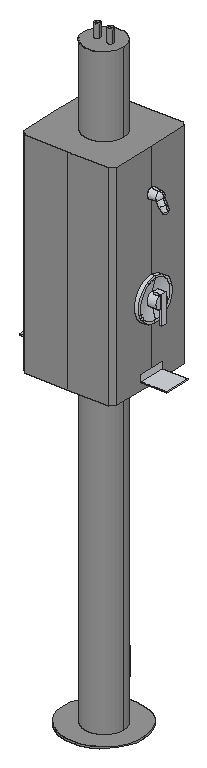
Revit family "Column_Shower-Willoughby-CWCSY-2", category Plumbing Fixtures, Revit 2015
Parameters (values of type "Standard")
  water line = Copper
  Waste Connection = no
  Vent Connection = no
  URL = "https://www.willoughby-ind.com/wp-content/uploads/2018/01/CWCSY.pdf"
  Revision = "A"
  Model = "CWCSY-2"
  Manufacturer = "Willoughby Industries"
  HW Connection = yes
  HCW DIA = 3/4"
  Fixture Body = Stainless Steel AISI 304-Willoughby
  Description = "2 Station Column Shower"
  Default Elevation = 0' - 0"
  Contact = "(800) 428-4065"
  CW Connection = yes
Reference planes (in)
  plane 1 "Center (Front/Back)": y = 0
  plane 2: z = 0
  plane 3 "Center (Left/Right)": x = 0
  plane 4 "Top Mounting Tube HGT": z = 92
  plane 5 "Shower Head HGT": z = 72
  plane 6 "Valve HGT": z = 60
  plane 7 "Soap dish HGT": z = 42
  plane 8 "Access": z = 6
  plane 9: x = -2
  plane 10: x = 2
  plane 11: x = -7.9375
  plane 12: x = 7.9375
  plane 13: through (0, 0, 48) normal (-0.866, -0.5, 0)
  plane 14: x = 1
  plane 15: x = -1
Forms (in)
  Extrusion 1, solid, material "Stainless Steel AISI 304-Willoughby" <- "Fixture Body", detail levels fine
    sketch origin (0, 0, 0) x (1, 0, 0) y (0, 1, 0)
      loop
        circle (0, 0) r 6
    from 0 to 0.25
  Extrusion 2, solid, material "Stainless Steel AISI 304-Willoughby" <- "Fixture Body"
    sketch origin (0, 0, 0) x (1, 0, 0) y (0, 1, 0)
      loop
        circle (0, 0) r 3
    from 0 to 92
  Extrusion 3, solid, material "Stainless Steel AISI 304-Willoughby" <- "Fixture Body", detail levels fine
    sketch origin (0, 0, 6) x (1, 0, 0) y (0, 1, 0)
      loop
        line (2, 2.23607) -> (2.07433, 2.3104)
        arc (2.07433, 2.3104) -> (0, 3.10614) -> (-2.07433, 2.3104) r 3.10151
        line (-2.07433, 2.3104) -> (-2, 2.23607)
        arc (-2, 2.23607) -> (0, 3.03719) -> (2, 2.23607) r 2.89705
    from 0 to 4
  Extrusion 4, solid, material "Stainless Steel AISI 304-Willoughby" <- "Fixture Body"
    sketch origin (0, 0, 0) x (1, 0, 0) y (0, 1, 0)
      loop
        line (0, -7) -> (6.29289, -7) -> (7, -6.29289) -> (7, 0) -> (7, 6.29289) -> (6.29289, 7) -> (0, 7) -> (-6.29289, 7) -> (-7, 6.29289) -> (-7, 0) -> (-7, -6.29289) -> (-6.29289, -7) -> (0, -7)
    from 48 to 80
  Revolve 5, solid, material "Copper" <- "water line", detail levels fine
    sketch origin (0, 0, 0) x (1, 0, 0) y (0, 0, 1)
      loop
        line (1, 92) -> (1, 94) -> (0.625, 94) -> (0.625, 92) -> (1, 92)
      axis (1, 94) -> (1, 92)
    angle from 0 to 360
  Revolve 6, solid, material "Copper" <- "water line", detail levels fine
    sketch origin (0, 0, 0) x (1, 0, 0) y (0, 0, 1)
      loop
        line (-1, 92) -> (-1, 94) -> (-1.375, 94) -> (-1.375, 92) -> (-1, 92)
      axis (-1, 94) -> (-1, 92)
    angle from 0 to 360
  Revolve 7, solid
    sketch origin (-0.8125, 0, 0) x (1, 0, 0) y (0, 0, 1)
      loop
        line (7.8125, 73.875) -> (9.6875, 73.875)
        arc (9.6875, 73.875) -> (9.56694, 74.29105) -> (9.1875, 74.5) r 0.56596
        line (9.1875, 74.5) -> (8.0625, 74.625) -> (7.8125, 74.625) -> (7.8125, 73.875)
      axis (7.8125, 73.875) -> (9.6875, 73.875)
    angle from 0 to 360
  Revolve 8, solid
    sketch origin (-0.8125, 0, 0) x (1, 0, 0) y (0, 0, 1)
      loop
        line (9.1875, 73.625) -> (8.75449, 73.375) -> (9.25449, 72.50897) -> (9.73774, 71.92196)
        arc (9.73774, 71.92196) -> (9.95634, 71.81003) -> (10.1875, 71.89295) r 0.30889
        line (10.1875, 71.89295) -> (9.1875, 73.625)
      axis (9.1875, 73.625) -> (10.1875, 71.89295)
    angle from 0 to 360
  Extrusion 9, solid
    sketch origin (-0.8125, 0, 0) x (1, 0, 0) y (0, 0, 1)
      loop
        line (7.8125, 49.25) -> (11.8125, 49.25) -> (11.8125, 49.37) -> (7.9325, 49.37) -> (7.9325, 50.25) -> (7.8125, 50.25) -> (7.8125, 49.25)
    from -2 to 2
  Revolve 10, solid
    sketch origin (-0.8125, 0, 0) x (1, 0, 0) y (0, 0, 1)
      loop
        line (7.8125, 59.75) -> (9.4925, 59.75) -> (9.4925, 60.75) -> (8.08528, 60.75)
        arc (8.08528, 60.75) -> (8.27532, 61.66598) -> (8.5425, 62.5625) r 11
        line (8.5425, 62.5625) -> (8.5425, 62.875) -> (7.8125, 62.875) -> (7.8125, 59.75)
      axis (7.8125, 59.75) -> (9.4925, 59.75)
    angle from 0 to 360
  Extrusion 11, solid
    sketch origin (-0.8125, 0, 0) x (1, 0, 0) y (0, 0, 1)
      loop
        line (9.4925, 56.75) -> (9.805, 56.75) -> (9.805, 61) -> (8.6175, 61) -> (8.6175, 60.5) -> (9.4925, 60.5) -> (9.4925, 56.75)
    from -0.375 to 0.375
  Revolve 12, solid, not visible
    sketch origin (-0.8125, 0, 0) x (1, 0, 0) y (0, 0, 1)
      loop
        line (7.8125, 73.875) -> (9.6875, 73.875)
        arc (9.6875, 73.875) -> (9.56694, 74.29105) -> (9.1875, 74.5) r 0.56596
        line (9.1875, 74.5) -> (8.0625, 74.625) -> (7.8125, 74.625) -> (7.8125, 73.875)
      axis (7.8125, 73.875) -> (9.6875, 73.875)
    angle from 0 to 360
  Revolve 13, solid, not visible
    sketch origin (-0.8125, 0, 0) x (1, 0, 0) y (0, 0, 1)
      loop
        line (9.1875, 73.625) -> (8.75449, 73.375) -> (9.25449, 72.50897) -> (9.73774, 71.92196)
        arc (9.73774, 71.92196) -> (9.95634, 71.81003) -> (10.1875, 71.89295) r 0.30889
        line (10.1875, 71.89295) -> (9.1875, 73.625)
      axis (9.1875, 73.625) -> (10.1875, 71.89295)
    angle from 0 to 360
  Extrusion 14, solid, not visible
    sketch origin (-0.8125, 0, 0) x (1, 0, 0) y (0, 0, 1)
      loop
        line (7.8125, 49.25) -> (11.8125, 49.25) -> (11.8125, 49.37) -> (7.9325, 49.37) -> (7.9325, 50.25) -> (7.8125, 50.25) -> (7.8125, 49.25)
    from -2 to 2
  Revolve 15, solid, not visible
    sketch origin (-0.8125, 0, 0) x (1, 0, 0) y (0, 0, 1)
      loop
        line (7.8125, 59.75) -> (9.4925, 59.75) -> (9.4925, 60.75) -> (8.08528, 60.75)
        arc (8.08528, 60.75) -> (8.27532, 61.66598) -> (8.5425, 62.5625) r 11
        line (8.5425, 62.5625) -> (8.5425, 62.875) -> (7.8125, 62.875) -> (7.8125, 59.75)
      axis (7.8125, 59.75) -> (9.4925, 59.75)
    angle from 0 to 360
  Extrusion 16, solid, not visible
    sketch origin (-0.8125, 0, 0) x (1, 0, 0) y (0, 0, 1)
      loop
        line (9.4925, 56.75) -> (9.805, 56.75) -> (9.805, 61) -> (8.6175, 61) -> (8.6175, 60.5) -> (9.4925, 60.5) -> (9.4925, 56.75)
    from -0.375 to 0.375
  Revolve 17, solid
    sketch origin (0.8125, 0, 0) x (-1, 0, 0) y (0, 0, 1)
      loop
        line (7.8125, 73.875) -> (9.6875, 73.875)
        arc (9.6875, 73.875) -> (9.56694, 74.29105) -> (9.1875, 74.5) r 0.56596
        line (9.1875, 74.5) -> (8.0625, 74.625) -> (7.8125, 74.625) -> (7.8125, 73.875)
      axis (7.8125, 73.875) -> (9.6875, 73.875)
    angle from 0 to 360
  Revolve 18, solid
    sketch origin (0.8125, 0, 0) x (-1, 0, 0) y (0, 0, 1)
      loop
        line (9.1875, 73.625) -> (8.75449, 73.375) -> (9.25449, 72.50897) -> (9.73774, 71.92196)
        arc (9.73774, 71.92196) -> (9.95634, 71.81003) -> (10.1875, 71.89295) r 0.30889
        line (10.1875, 71.89295) -> (9.1875, 73.625)
      axis (9.1875, 73.625) -> (10.1875, 71.89295)
    angle from 0 to 360
  Extrusion 19, solid
    sketch origin (0.8125, 0, 0) x (-1, 0, 0) y (0, 0, 1)
      loop
        line (7.8125, 49.25) -> (11.8125, 49.25) -> (11.8125, 49.37) -> (7.9325, 49.37) -> (7.9325, 50.25) -> (7.8125, 50.25) -> (7.8125, 49.25)
    from -2 to 2
  Revolve 20, solid
    sketch origin (0.8125, 0, 0) x (-1, 0, 0) y (0, 0, 1)
      loop
        line (7.8125, 59.75) -> (9.4925, 59.75) -> (9.4925, 60.75) -> (8.08528, 60.75)
        arc (8.08528, 60.75) -> (8.27532, 61.66598) -> (8.5425, 62.5625) r 11
        line (8.5425, 62.5625) -> (8.5425, 62.875) -> (7.8125, 62.875) -> (7.8125, 59.75)
      axis (7.8125, 59.75) -> (9.4925, 59.75)
    angle from 0 to 360
  Extrusion 21, solid
    sketch origin (0.8125, 0, 0) x (-1, 0, 0) y (0, 0, 1)
      loop
        line (9.4925, 56.75) -> (9.805, 56.75) -> (9.805, 61) -> (8.6175, 61) -> (8.6175, 60.5) -> (9.4925, 60.5) -> (9.4925, 56.75)
    from -0.375 to 0.375
Lines and regions (in)
  symbolic lines
    curve 1: line (3, 0, 0) -> (3, 0, 91.75)
    curve 2: line (-3, 0, 91.75) -> (-3, 0, 0)
    curve 3: line (-3, 0, 0) -> (3, 0, 0)
    curve 4: line (-3, 0, 0) -> (-4, 0, 0)
    curve 5: line (-4, 0, 0) -> (-4, 0, -0.25)
    curve 6: line (-4, 0, -0.25) -> (4, 0, -0.25)
    curve 7: line (4, 0, -0.25) -> (4, 0, 0)
    curve 8: line (0, -3, 0) -> (0, -3, 90)
    curve 9: line (0, 3, 90) -> (0, 3, 0)
    curve 10: line (0, 7, 0) -> (0, -7, 0)
    curve 11: line (0, -7, 0) -> (0, -7, -0.25)
    curve 12: line (0, -7, -0.25) -> (0, 7, -0.25)
    curve 13: line (0, 7, -0.25) -> (0, 7, 0)
    curve 14: circle (0, 0, 92) r 3 normal (0, 0, 1)
    curve 15: line (3, 0, 0) -> (4, 0, 0)
    curve 16: line (7.9375, 4, 0) -> (7.9375, -4, 0)
    curve 23: circle (0, 0, 0) r 3 normal (0, 0, 1)
    curve 24: line (7.9375, 0, 48) -> (7.9375, 0, 80)
    curve 25: line (7.9375, 0, 80) -> (-7.9375, 0, 80)
    curve 26: line (-7.9375, 0, 80) -> (-7.9375, 0, 48)
    curve 27: line (-7.9375, 0, 48) -> (8.3125, 0, 48)
    curve 28: line (7.43285, 0, 48) -> (7.43285, 0, 80)
    curve 29: line (0.50465, 0, 48) -> (0.50465, 0, 80)
    curve 30: line (-0.50465, 0, 80) -> (-0.50465, 0, 48)
    curve 31: line (-7.43285, 0, 48) -> (-7.43285, 0, 80)
    curve 33: line (8.36057, 0, 73.66229) -> (8.31197, 0, 73.71088)
    curve 54: line (-3.96875, 0, 73.61877) -> (-3.90178, 0, 73.79323)
    curve 55: line (-4.95632, 0, 73.97917) -> (-4.92805, 0, 74.13951)
    curve 56: spline (-4.92805, 0, 74.13951) -> (-4.88648, 0, 74.205) -> (-4.81277, 0, 74.25423) -> (-4.71195, 0, 74.28383) -> (-4.59088, 0, 74.29181) -> (-4.45783, 0, 74.2776) -> (-4.32185, 0, 74.24219) -> (-4.19221, 0, 74.18797) -> (-4.07775, 0, 74.11866) -> (-3.98627, 0, 74.03897) -> (-3.92399, 0, 73.95433) -> (-3.89518, 0, 73.87051) -> (-3.90178, 0, 73.79323)
    curve 61: spline (-3.90178, 0, 73.79323) -> (-3.89518, 0, 73.87051) -> (-3.92399, 0, 73.95433) -> (-3.98627, 0, 74.03897) -> (-4.07775, 0, 74.11866) -> (-4.19221, 0, 74.18797) -> (-4.32185, 0, 74.24219) -> (-4.45783, 0, 74.2776) -> (-4.59088, 0, 74.29181) -> (-4.71195, 0, 74.28383) -> (-4.81277, 0, 74.25423) -> (-4.88648, 0, 74.205) -> (-4.92805, 0, 74.13951)
    curve 67: line (-8.3115, 0, 73.71061) -> (-9.26816, 0, 74.26503)
    curve 75: line (8.46783, 0, 62.46967) -> (7.9375, 0, 63)
    curve 85: line (9.4375, 0, 56.75) -> (9.4375, 0, 58.75)
    curve 90: line (4.64399, 0, 56.75) -> (4.39399, 0, 56.75)
    curve 104: line (-4.39399, 0, 61.25) -> (-5.29351, 0, 61.25)
    curve 111: line (-7.9375, 0, 63) -> (-8.46783, 0, 62.46967)
    curve 112: line (-8.46783, 0, 62.46967) -> (-8.46783, 0, 57.53033)
    curve 113: line (-8.46783, 0, 57.53033) -> (-7.9375, 0, 57)
    curve 114: line (-8.46783, 0, 61.25) -> (-9.9375, 0, 61.25)
    curve 115: line (-9.9375, 0, 61.25) -> (-9.9375, 0, 56.75)
    curve 116: line (-9.9375, 0, 56.75) -> (-9.4375, 0, 56.75)
    curve 117: line (-9.4375, 0, 56.75) -> (-9.4375, 0, 61.25)
    curve 118: line (-9.4375, 0, 58.75) -> (-8.46783, 0, 58.75)
    curve 119: line (-8.46783, 0, 62.46967) -> (-8.46783, 0, 61.25)
    curve 120: line (0, 8.87408, 80) -> (0, -8.87408, 80)
    curve 121: line (0, -8.87408, 80) -> (0, -8.87408, 48)
    curve 122: line (0, -8.87408, 48) -> (0, 8.87408, 48)
    curve 123: line (0, 8.87408, 48) -> (0, 8.87408, 80)
    curve 124: line (0, 4.87408, 80) -> (0, 4.87408, 48)
    curve 125: line (0, 4, 48) -> (0, 4, 80)
    curve 126: line (0, -4.36943, 80) -> (0, -4.36943, 48)
    curve 127: line (0, -4.87408, 48) -> (0, -4.87408, 80)
    curve 132: arc (0, -0.56081, 73.98177) -> (0, -0.54398, 74.03846) -> (0, -0.51433, 74.08962) r 0.25036
    curve 149: line (0, -8.0385, 72.27148) -> (0, -7.11978, 73.74175)
    curve 198: line (0, -3, 92) -> (0, 3, 92)
    curve 199: line (0, 0.375, 94) -> (0, 0.375, 92)
    curve 200: line (0, -0.375, 94) -> (0, 0.375, 94)
    curve 201: line (0, -0.375, 94) -> (0, -0.375, 92)
    curve 208: line (-7.9375, -4, 0) -> (-7.9375, 4, 0)
  symbolic lines, detail levels fine
    curve 17: line (8.625, -1.25, 0) -> (7.65533, -1.25, 0)
    curve 18: line (8.625, 1.25, 0) -> (7.65533, 1.25, 0)
    curve 19: line (8.625, 1.25, 0) -> (8.625, -1.25, 0)
    curve 20: line (9.125, 0.375, 0) -> (8.625, 0.375, 0)
    curve 21: line (9.125, 0.375, 0) -> (9.125, -0.375, 0)
    curve 22: line (9.125, -0.375, 0) -> (8.625, -0.375, 0)
    curve 32: line (7.9375, 0, 73.61034) -> (8.36057, 0, 73.66229)
    curve 34: line (8.31197, 0, 73.71088) -> (9.34944, 0, 72.23861)
    curve 35: arc (9.34944, 0, 72.23861) -> (9.90023, 0, 72.07183) -> (10.02935, 0, 72.63265) r 0.39382
    curve 36: line (10.02935, 0, 72.63265) -> (9.38778, 0, 74.00851)
    curve 37: arc (9.38778, 0, 74.00851) -> (9.40822, 0, 74.44161) -> (9.133, 0, 74.77664) r 0.60351
    curve 38: line (9.133, 0, 74.77664) -> (7.9375, 0, 74.88123)
    curve 39: line (8.31197, 0, 73.71088) -> (9.26816, 0, 74.26503)
    curve 40: line (9.26816, 0, 74.26503) -> (9.38778, 0, 74.00851)
    curve 41: line (9.34944, 0, 72.23861) -> (8.31197, 0, 73.71088)
    curve 42: line (3.96875, 0, 73.61877) -> (4.46635, 0, 72.32247)
    curve 43: line (4.9522, 0, 73.99137) -> (5.2249, 0, 72.54154)
    curve 44: arc (5.2249, 0, 72.54154) -> (4.96293, 0, 72.02583) -> (4.46635, 0, 72.32247) r 0.3957
    curve 45: spline (3.95552, 0, 73.61369) -> (3.8169, 0, 73.6353) -> (3.68773, 0, 73.69866) -> (3.57681, 0, 73.79945) -> (3.49169, 0, 73.9308) -> (3.43819, 0, 74.08376) -> (3.41994, 0, 74.24791) -> (3.43819, 0, 74.41206) -> (3.49169, 0, 74.56502) -> (3.57681, 0, 74.69638) -> (3.68773, 0, 74.79717) -> (3.8169, 0, 74.86052) -> (3.95552, 0, 74.88214)
    curve 46: line (3.96875, 0, 74.88123) -> (4.63496, 0, 74.77099)
    curve 47: arc (4.63496, 0, 74.77099) -> (4.98675, 0, 74.44826) -> (4.94127, 0, 73.97303) r 0.53559
    curve 48: spline (4.93355, 0, 74.10241) -> (4.89669, 0, 74.1677) -> (4.82619, 0, 74.21885) -> (4.72687, 0, 74.25238) -> (4.60548, 0, 74.26601) -> (4.47031, 0, 74.2588) -> (4.33056, 0, 74.23125) -> (4.19576, 0, 74.18523) -> (4.0751, 0, 74.12389) -> (3.97679, 0, 74.0514) -> (3.90753, 0, 73.9727) -> (3.87206, 0, 73.89315) -> (3.87278, 0, 73.81818)
    curve 49: line (3.87278, 0, 73.81818) -> (3.96875, 0, 73.61877)
    curve 50: line (4.93355, 0, 74.10241) -> (4.95728, 0, 73.97624)
    curve 51: line (-4.95632, 0, 73.97917) -> (-5.2168, 0, 72.50196)
    curve 52: line (-3.96875, 0, 73.61877) -> (-4.47409, 0, 72.30231)
    curve 53: arc (-4.47409, 0, 72.30231) -> (-4.95048, 0, 72.01139) -> (-5.2168, 0, 72.50196) r 0.38503
    curve 57: arc (-3.96875, 0, 73.61877) -> (-3.40713, 0, 74.28457) -> (-4.05595, 0, 74.86572) r 0.62528
    curve 58: line (-4.05595, 0, 74.86572) -> (-4.5665, 0, 74.77664)
    curve 59: arc (-4.5665, 0, 74.77664) -> (-4.96481, 0, 74.47733) -> (-4.95632, 0, 73.97917) r 0.54824
    curve 60: arc (-4.5665, 0, 74.77664) -> (-4.21373, 0, 74.56609) -> (-4.11316, 0, 74.16776) r 0.53677
    curve 62: line (-7.9375, 0, 74.88182) -> (-9.133, 0, 74.77664)
    curve 63: arc (-9.133, 0, 74.77664) -> (-9.40713, 0, 74.44116) -> (-9.38785, 0, 74.00836) r 0.60717
    curve 64: line (-9.26816, 0, 74.26503) -> (-10.02935, 0, 72.63265)
    curve 65: arc (-10.02935, 0, 72.63265) -> (-9.91054, 0, 72.05405) -> (-9.34944, 0, 72.23861) r 0.39555
    curve 66: line (-9.34944, 0, 72.23861) -> (-8.3115, 0, 73.71061)
    curve 69: line (-1.375, 0, 92) -> (-1.375, 0, 94)
    curve 70: line (-1.375, 0, 94) -> (-0.625, 0, 94)
    curve 71: line (-0.625, 0, 94) -> (-0.625, 0, 92)
    curve 72: line (0.625, 0, 92) -> (0.625, 0, 94)
    curve 73: line (0.625, 0, 94) -> (1.375, 0, 94)
    curve 74: line (1.375, 0, 94) -> (1.375, 0, 92)
    curve 76: line (8.46783, 0, 62.46967) -> (7.9375, 0, 63)
    curve 77: line (8.46783, 0, 62.46967) -> (8.46783, 0, 57.53033)
    curve 78: line (8.46783, 0, 57.53033) -> (7.9375, 0, 57)
    curve 79: line (8.46783, 0, 58.75) -> (9.4375, 0, 58.75)
    curve 80: line (9.4375, 0, 58.75) -> (9.4375, 0, 61.25)
    curve 81: line (9.4375, 0, 61.25) -> (8.46783, 0, 61.25)
    curve 82: line (9.4375, 0, 61.25) -> (9.9375, 0, 61.25)
    curve 83: line (9.9375, 0, 61.25) -> (9.9375, 0, 56.75)
    curve 84: line (9.9375, 0, 56.75) -> (9.4375, 0, 56.75)
    curve 86: line (4.64399, 0, 61.25) -> (5.29351, 0, 61.25)
    curve 87: line (5.29351, 0, 61.25) -> (5.29351, 0, 56.75)
    curve 88: line (5.29351, 0, 56.75) -> (4.64399, 0, 56.75)
    curve 89: line (4.64399, 0, 56.75) -> (4.64399, 0, 61.25)
    curve 91: line (4.39399, 0, 56.75) -> (4.39399, 0, 61.25)
    curve 92: arc (5.29351, 0, 61) -> (5.81877, 0, 60) -> (5.29351, 0, 59) r 1.21454
    curve 93: spline (4.39399, 0, 61.25) -> (4.07047, 0, 61.20741) -> (3.76899, 0, 61.08253) -> (3.51011, 0, 60.88388) -> (3.31146, 0, 60.625) -> (3.18658, 0, 60.32352) -> (3.14399, 0, 60) -> (3.18658, 0, 59.67648) -> (3.31146, 0, 59.375) -> (3.51011, 0, 59.11612) -> (3.76899, 0, 58.91747) -> (4.07047, 0, 58.79259) -> (4.39399, 0, 58.75)
    curve 94: spline (4.39399, 0, 58.81402) -> (4.19988, 0, 58.85445) -> (4.01899, 0, 58.97298) -> (3.86366, 0, 59.16154) -> (3.74447, 0, 59.40728) -> (3.66955, 0, 59.69344) -> (3.64399, 0, 60.00053) -> (3.66955, 0, 60.30762) -> (3.74447, 0, 60.59379) -> (3.86366, 0, 60.83952) -> (4.01899, 0, 61.02808) -> (4.19988, 0, 61.14662) -> (4.39399, 0, 61.18704)
    curve 95: spline (4.23392, 0, 62.46967) -> (3.67586, 0, 62.38552) -> (3.15584, 0, 62.1388) -> (2.70928, 0, 61.74632) -> (2.36663, 0, 61.23483) -> (2.15123, 0, 60.6392) -> (2.07776, 0, 60) -> (2.15123, 0, 59.3608) -> (2.36663, 0, 58.76517) -> (2.70928, 0, 58.25368) -> (3.15584, 0, 57.8612) -> (3.67586, 0, 57.61448) -> (4.23392, 0, 57.53033)
    curve 96: spline (4.23392, 0, 57.53033) -> (4.78826, 0, 57.61448) -> (5.30483, 0, 57.8612) -> (5.74841, 0, 58.25368) -> (6.08879, 0, 58.76517) -> (6.30276, 0, 59.3608) -> (6.37574, 0, 60) -> (6.30276, 0, 60.6392) -> (6.08879, 0, 61.23483) -> (5.74841, 0, 61.74632) -> (5.30483, 0, 62.1388) -> (4.78826, 0, 62.38552) -> (4.23392, 0, 62.46967)
    curve 97: spline (3.96875, 0, 63) -> (3.29526, 0, 62.89778) -> (2.66766, 0, 62.59808) -> (2.12874, 0, 62.12132) -> (1.7152, 0, 61.5) -> (1.45525, 0, 60.77646) -> (1.36658, 0, 60) -> (1.45525, 0, 59.22354) -> (1.7152, 0, 58.5) -> (2.12874, 0, 57.87868) -> (2.66766, 0, 57.40192) -> (3.29526, 0, 57.10222) -> (3.96875, 0, 57)
    curve 98: spline (3.96875, 0, 57) -> (4.64775, 0, 57.10222) -> (5.28047, 0, 57.40192) -> (5.8238, 0, 57.87868) -> (6.24071, 0, 58.5) -> (6.50279, 0, 59.22354) -> (6.59219, 0, 60) -> (6.50279, 0, 60.77646) -> (6.24071, 0, 61.5) -> (5.8238, 0, 62.12132) -> (5.28047, 0, 62.59808) -> (4.64775, 0, 62.89778) -> (3.96875, 0, 63)
    curve 99: spline (-3.96875, 0, 63) -> (-4.6392, 0, 62.89778) -> (-5.26395, 0, 62.59808) -> (-5.80044, 0, 62.12132) -> (-6.2121, 0, 61.5) -> (-6.47089, 0, 60.77646) -> (-6.55915, 0, 60) -> (-6.47089, 0, 59.22354) -> (-6.2121, 0, 58.5) -> (-5.80044, 0, 57.87868) -> (-5.26395, 0, 57.40192) -> (-4.6392, 0, 57.10222) -> (-3.96875, 0, 57)
    curve 100: spline (-3.96875, 0, 57) -> (-3.29858, 0, 57.10222) -> (-2.67408, 0, 57.40192) -> (-2.13781, 0, 57.87868) -> (-1.72632, 0, 58.5) -> (-1.46764, 0, 59.22354) -> (-1.37941, 0, 60) -> (-1.46764, 0, 60.77646) -> (-1.72632, 0, 61.5) -> (-2.13781, 0, 62.12132) -> (-2.67408, 0, 62.59808) -> (-3.29858, 0, 62.89778) -> (-3.96875, 0, 63)
    curve 101: spline (-4.23392, 0, 61.25) -> (-3.94915, 0, 61.20741) -> (-3.68378, 0, 61.08253) -> (-3.45591, 0, 60.88388) -> (-3.28106, 0, 60.625) -> (-3.17114, 0, 60.32352) -> (-3.13365, 0, 60) -> (-3.17114, 0, 59.67648) -> (-3.28106, 0, 59.375) -> (-3.45591, 0, 59.11612) -> (-3.68378, 0, 58.91747) -> (-3.94915, 0, 58.79259) -> (-4.23392, 0, 58.75)
    curve 102: spline (-4.39399, 0, 61.25) -> (-4.19988, 0, 61.20834) -> (-4.01899, 0, 61.08619) -> (-3.86366, 0, 60.89189) -> (-3.74447, 0, 60.63867) -> (-3.66955, 0, 60.34379) -> (-3.64399, 0, 60.02734) -> (-3.66955, 0, 59.71089) -> (-3.74447, 0, 59.41601) -> (-3.86366, 0, 59.16279) -> (-4.01899, 0, 58.96849) -> (-4.19988, 0, 58.84634) -> (-4.39399, 0, 58.80468)
    curve 103: spline (-5.29351, 0, 61.05399) -> (-5.42292, 0, 61.01786) -> (-5.54351, 0, 60.9119) -> (-5.64706, 0, 60.74335) -> (-5.72652, 0, 60.5237) -> (-5.77647, 0, 60.2679) -> (-5.79351, 0, 59.9934) -> (-5.77647, 0, 59.7189) -> (-5.72652, 0, 59.4631) -> (-5.64706, 0, 59.24345) -> (-5.54351, 0, 59.0749) -> (-5.42292, 0, 58.96894) -> (-5.29351, 0, 58.93281)
    curve 105: line (-5.29351, 0, 61.25) -> (-5.29351, 0, 56.75)
    curve 106: line (-5.29351, 0, 56.75) -> (-4.39399, 0, 56.75)
    curve 107: line (-4.39399, 0, 56.75) -> (-4.39399, 0, 61.25)
    curve 108: line (-4.64399, 0, 61.25) -> (-4.64399, 0, 56.75)
    curve 109: spline (-4.23392, 0, 62.46967) -> (-3.68541, 0, 62.38552) -> (-3.17429, 0, 62.1388) -> (-2.73538, 0, 61.74632) -> (-2.3986, 0, 61.23483) -> (-2.18688, 0, 60.6392) -> (-2.11467, 0, 60) -> (-2.18688, 0, 59.3608) -> (-2.3986, 0, 58.76517) -> (-2.73538, 0, 58.25368) -> (-3.17429, 0, 57.8612) -> (-3.68541, 0, 57.61448) -> (-4.23392, 0, 57.53033)
    curve 110: spline (-4.23392, 0, 57.53033) -> (-4.81626, 0, 57.61448) -> (-5.35892, 0, 57.8612) -> (-5.82491, 0, 58.25368) -> (-6.18247, 0, 58.76517) -> (-6.40725, 0, 59.3608) -> (-6.48392, 0, 60) -> (-6.40725, 0, 60.6392) -> (-6.18247, 0, 61.23483) -> (-5.82491, 0, 61.74632) -> (-5.35892, 0, 62.1388) -> (-4.81626, 0, 62.38552) -> (-4.23392, 0, 62.46967)
    curve 155: line (0, -7.98561, 61.25) -> (0, -8.79363, 61.25)
    curve 156: line (0, -8.79363, 61.25) -> (0, -8.79363, 56.75)
    curve 157: line (0, -7.98561, 56.75) -> (0, -7.98561, 61.25)
    curve 158: line (0, -8.41863, 61.25) -> (0, -8.41863, 56.75)
    curve 159: line (0, -7.98561, 58.75) -> (0, -7.33336, 58.75)
    curve 160: line (0, -7.98561, 61.25) -> (0, -7.33336, 61.25)
    curve 161: spline (0, -7.33336, 61.25) -> (0, -7.16974, 61.20741) -> (0, -7.01728, 61.08253) -> (0, -6.88636, 60.88388) -> (0, -6.7859, 60.625) -> (0, -6.72275, 60.32352) -> (0, -6.70121, 60) -> (0, -6.72275, 59.67648) -> (0, -6.7859, 59.375) -> (0, -6.88636, 59.11612) -> (0, -7.01728, 58.91747) -> (0, -7.16974, 58.79259) -> (0, -7.33336, 58.75)
    curve 162: spline (0, -7.33336, 62.46967) -> (0, -7.00983, 62.38552) -> (0, -6.70836, 62.1388) -> (0, -6.44947, 61.74632) -> (0, -6.25082, 61.23483) -> (0, -6.12595, 60.6392) -> (0, -6.08336, 60) -> (0, -6.12595, 59.3608) -> (0, -6.25082, 58.76517) -> (0, -6.44947, 58.25368) -> (0, -6.70836, 57.8612) -> (0, -7.00983, 57.61448) -> (0, -7.33336, 57.53033)
    curve 163: arc (0, -7.33336, 57.53033) -> (0, -7.70994, 57.63123) -> (0, -7.98561, 57.90691) r 0.75316
    curve 164: arc (0, -7.33336, 62.46967) -> (0, -8.05344, 62.01773) -> (0, -8.41863, 61.25) r 1.52149
    curve 165: line (0, -0.375, 61.25) -> (0, 0.375, 61.25)
    curve 166: line (0, 0.375, 61.25) -> (0, 0.375, 56.75)
    curve 167: line (0, 0.375, 56.75) -> (0, -0.375, 56.75)
    curve 168: line (0, -0.375, 56.75) -> (0, -0.375, 61.25)
    curve 169: arc (0, 0.375, 61.19401) -> (0, 1.25012, 60.00079) -> (0, 0.375, 58.80758) r 1.25103
    curve 170: arc (0, -0.375, 61.19242) -> (0, -1.25, 60) -> (0, -0.375, 58.80758) r 1.25
    curve 171: circle (0, 0, 60) r 2.46967 normal (1, 0, 0)
    curve 172: circle (0, 0, 60) r 3.02253 normal (1, 0, 0)
    curve 173: spline (0, -6.87408, 63) -> (0, -6.48585, 62.89778) -> (0, -6.12408, 62.59808) -> (0, -5.81342, 62.12132) -> (0, -5.57504, 61.5) -> (0, -5.42519, 60.77646) -> (0, -5.37408, 60) -> (0, -5.42519, 59.22354) -> (0, -5.57504, 58.5) -> (0, -5.81342, 57.87868) -> (0, -6.12408, 57.40192) -> (0, -6.48585, 57.10222) -> (0, -6.87408, 57)
    curve 174: arc (0, -6.87408, 57) -> (0, -7.26728, 57.0944) -> (0, -7.57477, 57.35702) r 0.86611
    curve 175: arc (0, -6.87408, 63) -> (0, -7.15896, 62.94692) -> (0, -7.40619, 62.79574) r 0.79918
    curve 176: arc (0, -7.40619, 62.79574) -> (0, -7.71666, 62.47485) -> (0, -7.97876, 62.11339) r 3.15766
    curve 177: arc (0, -7.98561, 61.17713) -> (0, -7.53676, 59.99215) -> (0, -7.98561, 58.80717) r 1.7886
    curve 178: line (0, 8.79363, 61.25) -> (0, 7.98561, 61.25)
    curve 179: line (0, 7.98561, 61.25) -> (0, 7.98561, 56.75)
    curve 180: line (0, 7.98561, 56.75) -> (0, 8.79363, 56.75)
    curve 181: line (0, 8.79363, 56.75) -> (0, 8.79363, 61.25)
    curve 182: line (0, 8.41863, 61.25) -> (0, 8.41863, 56.75)
    curve 183: line (0, 7.98561, 61.25) -> (0, 7.33336, 61.25)
    curve 184: spline (0, 7.33336, 61.25) -> (0, 7.16953, 61.20741) -> (0, 7.01686, 61.08253) -> (0, 6.88577, 60.88388) -> (0, 6.78517, 60.625) -> (0, 6.72194, 60.32352) -> (0, 6.70037, 60) -> (0, 6.72194, 59.67648) -> (0, 6.78517, 59.375) -> (0, 6.88577, 59.11612) -> (0, 7.01686, 58.91747) -> (0, 7.16953, 58.79259) -> (0, 7.33336, 58.75)
    curve 185: line (0, 7.33336, 58.75) -> (0, 7.98561, 58.75)
    curve 186: spline (0, 7.98561, 61.18269) -> (0, 7.87783, 61.14231) -> (0, 7.77739, 61.02393) -> (0, 7.69114, 60.83562) -> (0, 7.62495, 60.5902) -> (0, 7.58335, 60.30441) -> (0, 7.56916, 59.99771) -> (0, 7.58335, 59.69102) -> (0, 7.62495, 59.40522) -> (0, 7.69114, 59.1598) -> (0, 7.77739, 58.97149) -> (0, 7.87783, 58.85311) -> (0, 7.98561, 58.81273)
    curve 187: spline (0, 6.87408, 63) -> (0, 6.48585, 62.89778) -> (0, 6.12408, 62.59808) -> (0, 5.81342, 62.12132) -> (0, 5.57504, 61.5) -> (0, 5.42519, 60.77646) -> (0, 5.37408, 60) -> (0, 5.42519, 59.22354) -> (0, 5.57504, 58.5) -> (0, 5.81342, 57.87868) -> (0, 6.12408, 57.40192) -> (0, 6.48585, 57.10222) -> (0, 6.87408, 57)
    curve 188: spline (0, 7.33336, 57.53033) -> (0, 7.00983, 57.61448) -> (0, 6.70836, 57.8612) -> (0, 6.44947, 58.25368) -> (0, 6.25082, 58.76517) -> (0, 6.12595, 59.3608) -> (0, 6.08336, 60) -> (0, 6.12595, 60.6392) -> (0, 6.25082, 61.23483) -> (0, 6.44947, 61.74632) -> (0, 6.70836, 62.1388) -> (0, 7.00983, 62.38552) -> (0, 7.33336, 62.46967)
    curve 189: arc (0, 7.34213, 62.47394) -> (0, 7.71952, 62.34525) -> (0, 8.01011, 62.07223) r 0.94399
    curve 190: arc (0, 8.01011, 62.07223) -> (0, 8.23518, 61.67741) -> (0, 8.38962, 61.25) r 2.65552
    curve 191: arc (0, 7.33336, 57.53033) -> (0, 7.69712, 57.65343) -> (0, 7.98561, 57.90691) r 0.9796
    curve 192: arc (0, 6.87408, 57) -> (0, 7.18628, 57.06609) -> (0, 7.4507, 57.24476) r 0.83267
    curve 193: arc (0, 7.4507, 57.24476) -> (0, 7.60733, 57.38263) -> (0, 7.7452, 57.53926) r 1.6404
    curve 194: line (0, 7.7452, 57.53926) -> (0, 7.98752, 57.90565)
    curve 195: arc (0, 6.87408, 63) -> (0, 7.19639, 62.93023) -> (0, 7.47048, 62.74684) r 0.88109
    curve 196: arc (0, 7.47048, 62.74684) -> (0, 7.73729, 62.45185) -> (0, 7.96842, 62.12814) r 3.45492
    curve 209: line (-8.625, 1.25, 0) -> (-7.65533, 1.25, 0)
    curve 210: line (-8.625, -1.25, 0) -> (-7.65533, -1.25, 0)
    curve 211: line (-8.625, -1.25, 0) -> (-8.625, 1.25, 0)
    curve 212: line (-9.125, -0.375, 0) -> (-8.625, -0.375, 0)
    curve 213: line (-9.125, -0.375, 0) -> (-9.125, 0.375, 0)
    curve 214: line (-9.125, 0.375, 0) -> (-8.625, 0.375, 0)
  symbolic lines, detail levels coarse+fine
    curve 68: line (-8.35473, 0, 73.64931) -> (-7.9375, 0, 73.62013)
    curve 197: line (0, -8.79363, 56.75) -> (0, -7.98561, 56.75)
  symbolic lines, detail levels medium+fine
    curve 128: line (0, 0.56985, 73.98177) -> (0, 0.40311, 72.39536)
    curve 129: line (0, -0.53229, 73.9107) -> (0, -0.37302, 72.39536)
    curve 130: arc (0, 0.40311, 72.39536) -> (0, 0.01505, 72.0073) -> (0, -0.37302, 72.39536) r 0.38807
    curve 131: arc (0, 0.56985, 73.98177) -> (0, 0.00452, 74.88487) -> (0, -0.56081, 73.98177) r 0.6285
    curve 133: arc (0, 0.51356, 74.08962) -> (0, 0.55797, 74.04418) -> (0, 0.56985, 73.98177) r 0.11003
    curve 134: arc (0, 0.51356, 74.08962) -> (0, -0.00039, 74.7762) -> (0, -0.51433, 74.08962) r 0.53565
    curve 135: line (0, 6.87408, 74.88123) -> (0, 7.90941, 74.77664)
    curve 136: arc (0, 7.90941, 74.77664) -> (0, 8.21673, 74.45413) -> (0, 8.20415, 74.00883) r 0.57916
    curve 137: arc (0, 8.20415, 74.00883) -> (0, 8.47564, 73.28023) -> (0, 8.76141, 72.5571) r 39.54765
    curve 138: arc (0, 8.76141, 72.5571) -> (0, 8.546, 72.04649) -> (0, 8.03539, 72.26191) r 0.39187
    curve 139: arc (0, 8.03539, 72.26191) -> (0, 7.56685, 73.00091) -> (0, 7.10803, 73.74599) r 66.76917
    curve 140: arc (0, 7.10803, 73.74599) -> (0, 7.27765, 73.9473) -> (0, 7.50061, 74.08725) r 0.8523
    curve 141: line (0, 7.50061, 74.08725) -> (0, 7.68407, 73.98133)
    curve 142: arc (0, 7.68407, 73.98133) -> (0, 7.94349, 74.00666) -> (0, 8.20415, 74.00883) r 2.92823
    curve 143: line (0, 7.16602, 73.6506) -> (0, 6.87408, 73.61877)
    curve 144: spline (0, 6.87408, 73.61877) -> (0, 6.7921, 73.64028) -> (0, 6.71571, 73.70334) -> (0, 6.65011, 73.80365) -> (0, 6.59978, 73.93438) -> (0, 6.56813, 74.08662) -> (0, 6.55734, 74.25) -> (0, 6.56813, 74.41338) -> (0, 6.59978, 74.56562) -> (0, 6.65011, 74.69635) -> (0, 6.71571, 74.79666) -> (0, 6.7921, 74.85972) -> (0, 6.87408, 74.88123)
    curve 145: line (0, -6.87408, 74.88123) -> (0, -7.90941, 74.77664)
    curve 146: arc (0, -7.90941, 74.77664) -> (0, -8.22661, 74.45034) -> (0, -8.19336, 73.99649) r 0.55527
    curve 147: line (0, -8.19336, 73.99649) -> (0, -8.75527, 72.60571)
    curve 148: arc (0, -8.75527, 72.60571) -> (0, -8.57827, 72.04962) -> (0, -8.0385, 72.27148) r 0.39676
    curve 150: line (0, -7.17624, 73.6514) -> (0, -6.89832, 73.62219)
    curve 151: spline (0, -6.87408, 73.61877) -> (0, -6.79068, 73.64028) -> (0, -6.71297, 73.70334) -> (0, -6.64624, 73.80365) -> (0, -6.59503, 73.93438) -> (0, -6.56284, 74.08662) -> (0, -6.55186, 74.25) -> (0, -6.56284, 74.41338) -> (0, -6.59503, 74.56562) -> (0, -6.64624, 74.69635) -> (0, -6.71297, 74.79666) -> (0, -6.79068, 74.85972) -> (0, -6.87408, 74.88123)
    curve 152: arc (0, -7.5039, 74.08379) -> (0, -7.26411, 73.96637) -> (0, -7.11978, 73.74175) r 0.4966
    curve 153: line (0, -7.5039, 74.08379) -> (0, -7.68854, 73.97719)
    curve 154: arc (0, -7.68854, 73.97719) -> (0, -7.94041, 74.00096) -> (0, -8.19336, 73.99649) r 2.26377
  symbolic lines, not visible, detail levels fine
    curve 202: line (8.625, -1.25, 0) -> (7.65533, -1.25, 0)
    curve 203: line (8.625, 1.25, 0) -> (7.65533, 1.25, 0)
    curve 204: line (8.625, 1.25, 0) -> (8.625, -1.25, 0)
    curve 205: line (9.125, 0.375, 0) -> (8.625, 0.375, 0)
    curve 206: line (9.125, 0.375, 0) -> (9.125, -0.375, 0)
    curve 207: line (9.125, -0.375, 0) -> (8.625, -0.375, 0)
Dimensions and locks (in)
  plane 11 to plane 3 "Center (Left/Right)" = 0' - 7 15/16"
  plane 3 "Center (Left/Right)" to plane 12 = 0' - 7 15/16"
  Extrusion 4 to plane 4 "Top Mounting Tube HGT" = 1' - 0"
  aligned and locked: Extrusion 2 to level
  aligned and locked: Extrusion 3 to plane 8 "Access"
  aligned and locked: curve 3 to curve 15
  aligned and locked: plane 4 "Top Mounting Tube HGT" to Extrusion 2
  aligned and locked: Revolve 5 sketch curve to Revolve 5 sketch curve  (x2)
  aligned and locked: Revolve 6 sketch curve to Revolve 6 sketch curve  (x2)
  aligned and locked: Revolve 7 sketch curve to Revolve 7 sketch curve  (x2)
  aligned and locked: Revolve 8 sketch curve to Revolve 8 sketch curve  (x2)
  aligned and locked: Revolve 10 sketch curve to Revolve 10 sketch curve  (x2)
  aligned and locked: Revolve 12 sketch curve to Revolve 12 sketch curve  (x2)
  aligned and locked: Revolve 13 sketch curve to Revolve 13 sketch curve  (x2)
  aligned and locked: Revolve 15 sketch curve to Revolve 15 sketch curve  (x2)
  aligned and locked: Revolve 17 sketch curve to Revolve 17 sketch curve  (x2)
  aligned and locked: Revolve 18 sketch curve to Revolve 18 sketch curve  (x2)
  aligned and locked: Revolve 20 sketch curve to Revolve 20 sketch curve  (x2)
Connectors (in)
  piping at (-1, 0, 94), diameter 0.75, driven by "HCW DIA", driven by "HW Connection"
    settings: on Revolve 6, index 1, connector inside diameter 24", connector length 0' - 0", flow factor 0, pipe flow 0 GPM, pressure drop 0.00 psi, fitting loss kfactor 0, connector angle 0.00°, fixture units 0, engagement length 0' - 0", angle of deflection 0.00°, flow configuration 0, flow direction 1, fitting loss method 0, system type 19, joint type 0, gender type 0, connector reference index -1, connector utility 1, adjustable connector no, is connector primary yes, connector description "HW Inlet"
  piping at (1, 0, 94), diameter 0.75, driven by "HCW DIA", driven by "CW Connection"
    settings: on Revolve 5, index 2, connector inside diameter 24", connector length 0' - 0", flow factor 0, pipe flow 0 GPM, pressure drop 0.00 psi, fitting loss kfactor 0, connector angle 0.00°, fixture units 0, engagement length 0' - 0", angle of deflection 0.00°, flow configuration 0, flow direction 1, fitting loss method 0, system type 20, joint type 0, gender type 0, connector reference index -1, connector utility 1, adjustable connector no, is connector primary no, connector description "CW Inlet"
